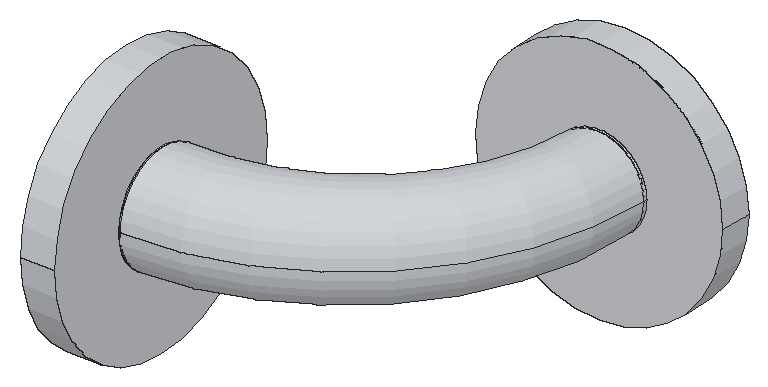
Revit family "M_Redução de cotovelo de raio longo - Flange - GI - Classe 250", category Conexões de tubo, Revit 2019
Family settings
  Cota do conector redondo = Usar raio
  Tipo de parte = Cotovelo
  Número OmniClass = 23.60.30.11.14
  Título OmniClass = Pipework Fittings
  ID de item do Seek = Elbow Reducing Long Radius - Flanged - GI - Class 250-0000-CAN-ENU
  Com base no plano de trabalho = Não
  Sempre na vertical = Sim
  Corte com vazios quando carregada = Não
  Compartilhado = Não
Parameters (values of type "Padrão")
  Espessura da parede 2 [instance] = size_lookup(Nome da tabela de pesquisa, "WThk", 0.06 * Diâmetro nominal 2 + 9.624 mm, Diâmetro nominal 2)  # 11.1 mm
  Espessura da parede 1 [instance] = size_lookup(Nome da tabela de pesquisa, "WThk", 0.06 * Diâmetro nominal 1 + 9.624 mm, Diâmetro nominal 1)  # 11.1 mm
  Tamanho da marca de cota 2 [instance] = Diâmetro da flange 2 * 0.4  # 49.6 mm
  Tamanho da marca de cota 1 [instance] = Diâmetro da flange 1 * 0.4  # 53.2 mm
  Espessura da face elevada [instance] = 1.587 mm  # constant formula
  Raio da face elevada 2 [instance] = Diâmetro da face elevada 2 / 2  # 34 mm
  Raio da face elevada 1 [instance] = Diâmetro da face elevada 1 / 2  # 39 mm
  Diâmetro da face elevada 2 [instance] = size_lookup(Nome da tabela de pesquisa, "RFD", 1.2 * Diâmetro nominal 2 + 50.899 mm, Diâmetro nominal 2)  # 68 mm
  Diâmetro da face elevada 1 [instance] = size_lookup(Nome da tabela de pesquisa, "RFD", 1.2 * Diâmetro nominal 1 + 50.899 mm, Diâmetro nominal 1)  # 78 mm
  Raio nominal 2 [instance] = 12.5 mm
  Diâmetro nominal 2 [instance] = Raio nominal 2 * 2  # 25 mm
  Método de perda = Coeficiente K da tabela
  Nome da tabela de pesquisa = "M_Elbow Reducing Long Radius - Flanged - GI - Class 250"
  Comprimento 9 [instance] = Espessura da flange 2 - Espessura da face elevada  # 15.912 mm
  Comprimento 8 [instance] = Centro à face - if(Diâmetro nominal máximo 12 = Diâmetro nominal 1, Espessura da flange 1, Espessura da flange 2)  # 121 mm
  Comprimento 7 [instance] = Comprimento 1 + Comprimento 1 * cos(Ângulo) + (Espessura da flange 2 + Comprimento 5) * cos(Ângulo)  # 121 mm
  Comprimento 6 [instance] = (Espessura da flange 2 + Comprimento 5) * sin(Ângulo)  # 19 mm
  Comprimento 5 [instance] = if(Diâmetro nominal máximo 12 = Diâmetro nominal 2, 0.794 mm, if(Centro à face - Espessura da flange 2 - Comprimento 1 > 0.794 mm, Centro à face - Espessura da flange 2 - Comprimento 1, 0.794 mm))  # 1.5 mm
  Comprimento 4 [instance] = if(Diâmetro nominal máximo 12 = Diâmetro nominal 1, 0.794 mm, if(Centro à face - Espessura da flange 1 - Comprimento 1 > 0.794 mm, Centro à face - Espessura da flange 1 - Comprimento 1, 0.794 mm))  # 0.794 mm
  Comprimento 3 [instance] = Comprimento 1 + Comprimento 1 * cos(Ângulo)  # 121 mm
  Comprimento 2 [instance] = Comprimento 1 * sin(Ângulo)  # 121 mm
  Diâmetro nominal máximo 12 [instance] = if(Diâmetro nominal 1 > Diâmetro nominal 2, Diâmetro nominal 1, Diâmetro nominal 2)  # 32 mm
  Comprimento 10 [instance] = Espessura da flange 2 + Comprimento 5  # 19 mm
  Raio de isolamento máximo 12 [instance] = if(Raio externo da conexão 1 > Raio externo da conexão 2, Raio externo da conexão 1, Raio externo da conexão 2)  # 27.1 mm
  Tabela de coeficiente K = "Cotovelo com raio longo flangeado 45, 90 e 180"
  Espessura da flange 2 [instance] = size_lookup(Nome da tabela de pesquisa, "FThk", 0.08 * Diâmetro nominal 2 + 21.53 mm, Diâmetro nominal 2)  # 17.5 mm
  Espessura da flange 1 [instance] = size_lookup(Nome da tabela de pesquisa, "FThk", 0.08 * Diâmetro nominal 1 + 21.53 mm, Diâmetro nominal 1)  # 19 mm
  Raio da flange 2 [instance] = Diâmetro da flange 2 / 2  # 62 mm
  Diâmetro da flange 2 [instance] = size_lookup(Nome da tabela de pesquisa, "FDia", 1.34 * Diâmetro nominal 2 + 106.362 mm, Diâmetro nominal 2)  # 124 mm
  Raio externo da conexão 2 [instance] = Diâmetro externo da conexão 2 / 2  # 23.6 mm
  Raio externo da conexão 1 [instance] = Diâmetro externo da conexão 1 / 2  # 27.1 mm
  Diâmetro externo da conexão 2 [instance] = Diâmetro interno da conexão 2 + Espessura da parede 2 * 2  # 47.2 mm
  Diâmetro externo da conexão 1 [instance] = Diâmetro interno da conexão 1 + Espessura da parede 1 * 2  # 54.2 mm
  Comprimento 1 [instance] = if(Raio de isolamento máximo 12 * tan(Ângulo / 2) > Comprimento 8, Raio de isolamento máximo 12 * tan(Ângulo / 2) + 0.794 mm, Comprimento 8)  # 121 mm
  Raio nominal 1 [instance] = 16 mm
  Diâmetro nominal 1 [instance] = Raio nominal 1 * 2  # 32 mm
  Diâmetro interno da conexão 2 [instance] = size_lookup(Nome da tabela de pesquisa, "FID", 0.97 * Diâmetro nominal 2 + 2.58 mm, Diâmetro nominal 2)  # 25 mm
  Diâmetro interno da conexão 1 [instance] = size_lookup(Nome da tabela de pesquisa, "FID", 0.97 * Diâmetro nominal 1 + 2.58 mm, Diâmetro nominal 1)  # 32 mm
  Centro à face [instance] = size_lookup(Nome da tabela de pesquisa, "CtF", 1.27 * Diâmetro nominal máximo 12 + 99.318 mm, Diâmetro nominal máximo 12)  # 140 mm
  Raio do centro [instance] = Comprimento 1 / tan(Ângulo / 2)  # 121 mm
  Raio da flange 1 [instance] = Diâmetro da flange 1 / 2  # 66.5 mm
  Diâmetro da flange 1 [instance] = size_lookup(Nome da tabela de pesquisa, "FDia", 1.34 * Diâmetro nominal 1 + 106.362 mm, Diâmetro nominal 1)  # 133 mm
  Assembly Code = ""
  Ângulo [instance] = 90.00°
Reference planes
  plane 1 "Centro (Frente/Trás)": y = 0
  plane 2: z = 0
  plane 3 "Centro (Esquerda/Direita)": x = 0
  plane 4: x = -121
  plane 5: y = 121
  plane 6: x = 0
  plane 7: y = 121
  plane 8: x = -121.794
  plane 9: x = -139.206
  plane 10: x = -121.794
  plane 11: x = 0
  plane 12: y = 140
  plane 13: x = -140.794
Forms (mm)
  Sweep 1, solid, detail levels fine
    path in 3D
      loop
        line (-121.794, 0, 0) -> (-121, 0, 0)
    profile origin (-121.397, 0, 0) x (0, 1, 0) y (0, 0, 1)
      loop
        circle (0, 0) r 27.1
  Sweep 2, solid, detail levels fine
    path in 3D
      loop
        line (-121.794, 0, 0) -> (-139.206, 0, 0)
    profile origin (-130.5, 0, 0) x (0, -1, 0) y (0, 0, 1)
      loop
        circle (0, 0) r 66.5
  Sweep 3, solid, detail levels fine
    path in 3D
      loop
        line (-140.794, 0, 0) -> (-139.206, 0, 0)
    profile origin (-140, 0, 0) x (0, 1, 0) y (0, 0, 1)
      loop
        circle (0, 0) r 39
  SweptBlend 4, solid, detail levels fine
    path in 3D
      loop
        arc (-121, 0, 0) -> (-35.44, 35.44, 0) -> (0, 121, 0) r 121
    profile origin (-121, 0, 0) x (0, 1, 0) y (0, 0, 1)
      loop
        circle (0, 0) r 27.1
    end profile origin (0, 121, 0) x (-1, 0, 0) y (0, 0, 1)
      loop
        circle (0, 0) r 23.6
  Sweep 5, solid, detail levels fine
    path in 3D
      loop
        line (0, 140, 0) -> (0, 138.412, 0)
    profile origin (0, 139.206, 0) x (1, 0, 0) y (0, 0, 1)
      loop
        circle (0, 0) r 34
  Sweep 6, solid, detail levels fine
    path in 3D
      loop
        line (0, 122.5, 0) -> (0, 138.412, 0)
    profile origin (0, 130.456, 0) x (-1, 0, 0) y (0, 0, 1)
      loop
        circle (0, 0) r 62
  Sweep 7, solid, detail levels fine
    path in 3D
      loop
        line (0, 121, 0) -> (0, 122.5, 0)
    profile origin (0, 121.75, 0) x (-1, 0, 0) y (0, 0, 1)
      loop
        circle (0, 0) r 23.6
Cuts and joins
  joined: Sweep 1, Sweep 2, Sweep 3
  joined: Sweep 5, Sweep 6, Sweep 7
Lines and regions (mm)
  model lines, detail levels coarse+medium
    curve 1: line (-121.794, 0, 0) -> (-121, 0, 0)
    curve 2: line (-121.794, 0, 0) -> (-139.206, 0, 0)
    curve 5: line (-140.794, 0, 0) -> (-139.206, 0, 0)
    curve 7: line (-140.794, 0, 0) -> (-140.794, 53.2, 0)
    curve 8: line (-140.794, 0, 0) -> (-140.794, -53.2, 0)
    curve 17: line (0, 121, 0) -> (0, 140, 0)
    curve 18: arc (-121, 0, 0) -> (-35.44, 35.44, 0) -> (0, 121, 0) r 121
    curve 19: line (0, 140, 0) -> (49.6, 140, 0)
    curve 20: line (0, 140, 0) -> (-49.6, 140, 0)
  sketch lines
    curve 3: line (-121.794, 0, 0) -> (-121, 0, 0)
    curve 4: line (-121.794, 0, 0) -> (-139.206, 0, 0)
    curve 6: line (-140.794, 0, 0) -> (-139.206, 0, 0)
    curve 13: arc (-121, 0, 0) -> (-35.44, 35.44, 0) -> (0, 121, 0) r 121
    curve 14: line (0, 140, 0) -> (0, 138.412, 0)
    curve 15: line (0, 122.5, 0) -> (0, 138.412, 0)
    curve 16: line (0, 121, 0) -> (0, 122.5, 0)
  reference lines
    curve 9: line (0, 140, 0) -> (0, 138.412, 0)
    curve 10: line (0, 121, 0) -> (0, 122.5, 0)
    curve 11: arc (-121, 0, 0) -> (-35.44, 35.44, 0) -> (0, 121, 0) r 121
    curve 12: line (0, 122.5, 0) -> (0, 138.412, 0)
Dimensions and locks
  "Comprimento 1": plane 4 to plane 3 "Centro (Esquerda/Direita)"
  "Raio do centro": plane 5 to plane 1 "Centro (Frente/Trás)"
  "Comprimento 3": plane 4 to plane 6
  "Comprimento 2": plane 7 to plane 1 "Centro (Frente/Trás)"
  "Comprimento 4": plane 8 to plane 4
  locked: plane 8 to plane 10 at 0
  "Comprimento 6": plane 12 to plane 7
  "Comprimento 7": plane 4 to plane 11
  "Espessura da face elevada": plane 13 to plane 9
  "Espessura da flange 1": plane 13 to plane 8
  "Tamanho da marca de cota 1": curve 7 to curve 7
  "Tamanho da marca de cota 1": curve 8 to curve 8
  "Espessura da face elevada": curve 9 to curve 9
  "Comprimento 5": curve 10 to curve 10
  "Comprimento 9": curve 12 to curve 12
  "Comprimento 10": curve 17 to curve 17
  "Tamanho da marca de cota 2": curve 19 to curve 19
  "Tamanho da marca de cota 2": curve 20 to curve 20
  "Raio externo da conexão 1": radius of Sweep 1 sketch curve
  "Raio da flange 1": radius of Sweep 2 sketch curve
  "Raio da face elevada 1": radius of Sweep 3 sketch curve
  "Raio externo da conexão 1": radius of SweptBlend 4 sketch curve
  "Raio externo da conexão 2": radius of SweptBlend 4 sketch curve
  "Raio da face elevada 2": radius of Sweep 5 sketch curve
  "Raio da flange 2": radius of Sweep 6 sketch curve
  "Raio externo da conexão 2": radius of Sweep 7 sketch curve
  "Ângulo": angle plane 12 to curve 9
  "Ângulo": angle plane 7 to curve 10
  "Ângulo": angle curve 11 to curve 11
  "Ângulo": angle plane 12 to curve 12
  "Ângulo": angle plane 7 to curve 17
  "Ângulo": angle curve 18 to curve 18
  "Ângulo": angle plane 11 to curve 19
  "Ângulo": angle plane 11 to curve 20
  aligned and locked: plane 1 "Centro (Frente/Trás)" to curve 1
  aligned and locked: plane 8 to curve 2
  aligned and locked: plane 9 to curve 5
  aligned and locked: plane 1 "Centro (Frente/Trás)" to curve 5
  aligned and locked: plane 13 to curve 7
  aligned and locked: plane 12 to curve 9
  aligned and locked: plane 11 to curve 9
  aligned and locked: plane 6 to curve 10
  aligned and locked: plane 7 to curve 10
  aligned and locked: plane 5 to curve 11
  aligned and locked: plane 4 to curve 11  (x2)
  aligned and locked: plane 1 "Centro (Frente/Trás)" to curve 11
  aligned and locked: plane 6 to curve 17
  aligned and locked: plane 4 to curve 18  (x2)
  aligned and locked: plane 1 "Centro (Frente/Trás)" to curve 18
  aligned and locked: plane 11 to curve 20
  aligned and locked: plane 12 to curve 20
Automatic sketch dimensions
  Sweep 1 sketch curve to profile plane = 0 mm  (x2)
  Sweep 2 sketch curve to profile plane = 0 mm  (x2)
  Sweep 3 sketch curve to profile plane = 0 mm  (x2)
  SweptBlend 4 sketch curve to profile plane = 0 mm  (x4)
  profile plane to Sweep 5 sketch curve = 0 mm
  Sweep 5 sketch curve to profile plane = 0 mm
  Sweep 6 sketch curve to profile plane = 0 mm  (x2)
  Sweep 7 sketch curve to profile plane = 0 mm  (x2)
Connectors
  piping at (-140.794, 0, 0), diameter 32, driven by "Raio nominal 1", driven by "Ângulo"
    settings: on Sweep 3, index 1, connector inside diameter 32 mm, connector length 0 mm, flow factor 0, pipe flow 0.0 L/s, pressure drop 0.0 Pa, fitting loss kfactor 0, connector angle 90.00°, fixture units 0, engagement length 0 mm, angle of deflection 0.00°, flow configuration 0, flow direction 0, fitting loss method 0, system type 28, joint type 0, gender type 0, connector reference index 2, connector utility 0, adjustable connector no, is connector primary yes, connector description ""
  piping at (0, 140, 0), diameter 25, driven by "Raio nominal 2", driven by "Ângulo"
    settings: on cut or joined group of Sweep 5, Sweep 6, Sweep 7, index 2, connector inside diameter 25 mm, connector length 0 mm, flow factor 0, pipe flow 0.0 L/s, pressure drop 0.0 Pa, fitting loss kfactor 0, connector angle 90.00°, fixture units 0, engagement length 0 mm, angle of deflection 0.00°, flow configuration 0, flow direction 0, fitting loss method 0, system type 28, joint type 0, gender type 0, connector reference index 1, connector utility 0, adjustable connector no, is connector primary no, connector description ""
